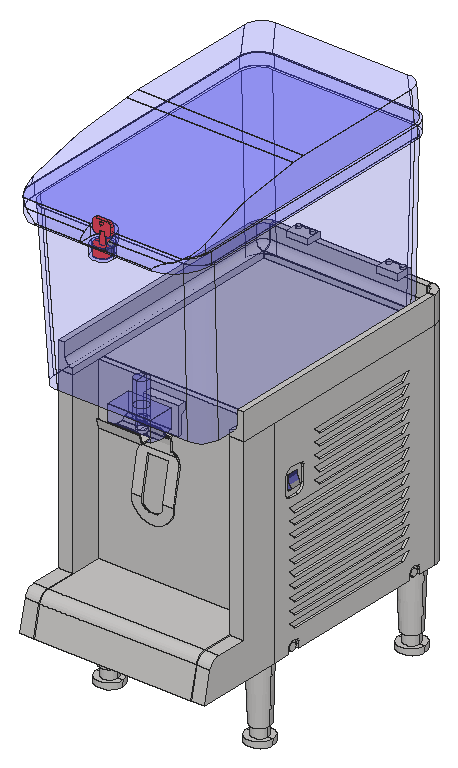
Revit family "QF_ELECTROLUXPROFESSIONAL_600927_ECS1D22", category Specialty Equipment, Revit 2018
Family settings
  Round Connector Dimension = Use Diameter
  Part Type = Normal
  Work Plane-Based = No
  Always vertical = Yes
  Cut with Voids When Loaded = No
  Shared = No
  Room Calculation Point = No
Parameters (values of type "Standard")
  Weight = 20.00 kg
  Watts = 0 W
  Volts = 230 V
  URL Manufacturer = "http://professional.electrolux.com"
  URL = "http://professional.electrolux.com"
  Steam Supply Size = 0 mm
  Steam Supply Minimum Pressure = 0.0 Pa
  Steam Supply Maximum Pressure = 0.0 Pa
  Steam Pounds per Hour = 0
  Refrigeration Suction Line Size = 0 mm
  Refrigeration Liquid Line Size = 0 mm
  Refrigerant Compressor Remote = yes
  Manufacturer = "Electrolux Professional"
  Phase = 1
  Model = "ECS1D22"
  Length Actual = 267.0 mm  # constant formula
  Item Number = "600927"
  Hot Water Size = 0 mm
  Height Actual = 729.0 mm  # constant formula
  HP = "0.5 HP"
  Gas Size = 0 mm
  Gas KW = 0
  Gas Input Pressure = 0 W
  Direct Waste Size = 0 mm
  Description = "COLD BEV DISP. 1X18 LT - AGITATOR"
  Depth Actual = 451.0 mm  # constant formula
  Cycle = 60 Hz
  Condensate Return Size = 0 mm
  Compressed Air Volume = 0.0 L/s
  Compressed Air Size = 0 mm
  Compressed Air Pressure = 0.0 Pa
  Cold Water Size = 0 mm
  Accessory = yes
Reference planes
  plane 1 "Center (Front/Back)": y = 0
  plane 2 "BASE": z = 0
  plane 3 "Center (Left/Right)": x = 0
  plane 4 "FEET": z = 110
  plane 5 "BACK": y = 212
  plane 6 "LEFT": x = -133
  plane 7 "RIGHT": x = 133
  plane 8 "FeetBack": y = 182
  plane 9 "EI_Front": y = 43
  plane 10 "TopBase": z = 420
  plane 11 "TOP": z = 729
  plane 12 "FRONT": y = -256
  plane 13 "FeetFront": y = -91
  plane 14 "Fillet": y = 192
  plane 15 "EI_Left": x = 107.6
  plane 16 "BaseVasca": z = 420
  plane 17 "Key": y = -238.074
Forms (mm)
  Extrusion 1, solid, material "QF_Finishes_Rubber Black"
    sketch origin (0, -237.264, 237.417) x (-1, 0, 0) y (0, 0, 1)
      loop
        line (-134.813, 85.505) -> (-130.245, 83.471) -> (-130.245, 81.362) -> (-128, 81.362) -> (-128, 101.362) -> (-130.245, 101.362)
        arc (-130.245, 101.362) -> (-131.172, 93.043) -> (-134.813, 85.505) r 24.82
    from 185 to 170
  Extrusion 2, solid, material "QF_Clearances", detail levels coarse
    sketch origin (1888.173, -11.659, 0) x (1, 0, 0) y (0, 1, 0)
      loop
        line (-2021.173, -244.341) -> (-2021.173, 223.659) -> (-1755.173, 223.659) -> (-1755.173, -244.341) -> (-1628.173, -244.341) -> (-1628.173, 373.659) -> (-2148.173, 373.659) -> (-2148.173, -244.341) -> (-2021.173, -244.341)
    from 0 to 729
  Revolve 3, solid, material "QF_Finishes_Stainless Steel"
    sketch origin (0, -91, 0) x (0, 0, 1) y (1, 0, 0)
      loop
        line (0, 127) -> (0, 108) -> (110, 108) -> (110, 125.038) -> (23, 122) -> (23, 119) -> (8, 119) -> (8, 127) -> (0, 127)
      axis (0, 108) -> (110, 108)
    angle from 0 to 360
  Revolve 4, solid, material "QF_Finishes_Stainless Steel"
    sketch origin (0, -91, 0) x (0, 0, 1) y (1, 0, 0)
      loop
        line (0, -127) -> (8, -127) -> (8, -119) -> (23, -119) -> (23, -122) -> (110, -125.038) -> (110, -108) -> (0, -108) -> (0, -127)
      axis (0, -108) -> (110, -108)
    angle from 0 to 360
  Revolve 5, solid, material "QF_Finishes_Stainless Steel"
    sketch origin (0, 182, 0) x (-1, 0, 0) y (0, 0, 1)
      loop
        line (-127, 0) -> (-108, 0) -> (-108, 110) -> (-125.038, 110) -> (-122, 23) -> (-119, 23) -> (-119, 8) -> (-127, 8) -> (-127, 0)
      axis (-108, 0) -> (-108, 110)
    angle from 0 to 360
  Revolve 6, solid, material "QF_Finishes_Stainless Steel"
    sketch origin (0, 182, 0) x (-1, 0, 0) y (0, 0, 1)
      loop
        line (127, 0) -> (127, 8) -> (119, 8) -> (119, 23) -> (122, 23) -> (125.038, 110) -> (108, 110) -> (108, 0) -> (127, 0)
      axis (108, 0) -> (108, 110)
    angle from 0 to 360
  Extrusion 7, solid, material "QF_Finishes_Stainless Steel"
    sketch origin (133, 0, 0) x (0, -1, 0) y (0, 0, 1)
      loop
        line (96.764, 110) -> (221, 110) -> (211.598, 151.16)
        arc (211.598, 151.16) -> (205.975, 160.107) -> (196, 163.597) r 16
        line (196, 163.597) -> (151, 163.597) -> (151, 420) -> (96.764, 420) -> (96.764, 110)
    from 20 to 0
  Extrusion 8, solid, material "QF_Finishes_Stainless Steel"
    sketch origin (0, 0, 0) x (0, 1, 0) y (0, 0, 1)
      loop
        line (-96.764, 110) -> (-96.764, 420) -> (-106, 420) -> (-106, 163.597) -> (-196, 163.597)
        arc (-196, 163.597) -> (-205.975, 160.107) -> (-211.598, 151.16) r 16
        line (-211.598, 151.16) -> (-221, 110) -> (-96.764, 110)
    from -113 to 113
  Extrusion 9, solid, material "QF_Finishes_Stainless Steel"
    sketch origin (133, -1000, 0) x (0, -1, 0) y (0, 0, 1)
      loop
        line (-903.236, 110) -> (-903.236, 420) -> (-1192, 420) -> (-1192, 110) -> (-1166, 110) -> (-1166, 115.694)
        arc (-1166, 115.694) -> (-1156, 125.694) -> (-1146, 115.694) r 10
        line (-1146, 115.694) -> (-1146, 110) -> (-948, 110) -> (-948, 115.694)
        arc (-948, 115.694) -> (-938, 125.694) -> (-928, 115.694) r 10
        line (-928, 115.694) -> (-928, 110) -> (-903.236, 110)
      loop
        arc (-923.159, 339.837) -> (-926.088, 346.908) -> (-933.159, 349.837) r 10
        line (-933.159, 349.837) -> (-947.159, 349.837)
        arc (-947.159, 349.837) -> (-954.23, 346.908) -> (-957.159, 339.837) r 10
        line (-957.159, 339.837) -> (-957.159, 319.837)
        arc (-957.159, 319.837) -> (-954.23, 312.766) -> (-947.159, 309.837) r 10
        line (-947.159, 309.837) -> (-933.159, 309.837)
        arc (-933.159, 309.837) -> (-926.088, 312.766) -> (-923.159, 319.837) r 10
        line (-923.159, 319.837) -> (-923.159, 339.837)
      loop
        line (-974.071, 381.364) -> (-1149.071, 381.364) -> (-1137.071, 369.364) -> (-986.071, 369.364) -> (-974.071, 381.364)
      loop
        line (-974.071, 364.864) -> (-1149.071, 364.864) -> (-1137.071, 352.864) -> (-986.071, 352.864) -> (-974.071, 364.864)
      loop
        line (-974.071, 348.364) -> (-1149.071, 348.364) -> (-1137.071, 336.364) -> (-986.071, 336.364) -> (-974.071, 348.364)
      loop
        line (-974.071, 331.864) -> (-1149.071, 331.864) -> (-1137.071, 319.864) -> (-986.071, 319.864) -> (-974.071, 331.864)
      loop
        line (-974.071, 315.364) -> (-1149.071, 315.364) -> (-1137.071, 303.364) -> (-986.071, 303.364) -> (-974.071, 315.364)
      loop
        line (-929.071, 298.864) -> (-1149.071, 298.864) -> (-1137.071, 286.864) -> (-941.071, 286.864) -> (-929.071, 298.864)
      loop
        line (-929.071, 282.364) -> (-1149.071, 282.364) -> (-1137.071, 270.364) -> (-941.071, 270.364) -> (-929.071, 282.364)
      loop
        line (-929.071, 265.864) -> (-1149.071, 265.864) -> (-1137.071, 253.864) -> (-941.071, 253.864) -> (-929.071, 265.864)
      loop
        line (-929.071, 249.364) -> (-1149.071, 249.364) -> (-1137.071, 237.364) -> (-941.071, 237.364) -> (-929.071, 249.364)
      loop
        line (-929.071, 232.864) -> (-1149.071, 232.864) -> (-1137.071, 220.864) -> (-941.071, 220.864) -> (-929.071, 232.864)
      loop
        line (-929.071, 216.364) -> (-1149.071, 216.364) -> (-1137.071, 204.364) -> (-941.071, 204.364) -> (-929.071, 216.364)
      loop
        line (-929.071, 199.864) -> (-1149.071, 199.864) -> (-1137.071, 187.864) -> (-941.071, 187.864) -> (-929.071, 199.864)
      loop
        line (-929.071, 183.364) -> (-1149.071, 183.364) -> (-1137.071, 171.364) -> (-941.071, 171.364) -> (-929.071, 183.364)
      loop
        line (-929.071, 166.864) -> (-1149.071, 166.864) -> (-1137.071, 154.864) -> (-941.071, 154.864) -> (-929.071, 166.864)
      loop
        line (-929.071, 150.364) -> (-1149.071, 150.364) -> (-1137.071, 138.364) -> (-941.071, 138.364) -> (-929.071, 150.364)
    from 5 to 0
  Extrusion 10, solid, material "QF_Finishes_Stainless Steel"
    sketch origin (-133, 0, 0) x (0, 1, 0) y (0, 0, 1)
      loop
        line (-96.764, 110) -> (-96.764, 420) -> (-151, 420) -> (-151, 163.597) -> (-196, 163.597)
        arc (-196, 163.597) -> (-205.975, 160.107) -> (-211.598, 151.16) r 16
        line (-211.598, 151.16) -> (-221, 110) -> (-96.764, 110)
    from 20 to 0
  Extrusion 11, solid, material "QF_Finishes_Stainless Steel"
    sketch origin (-133, 0, 0) x (0, 1, 0) y (0, 0, 1)
      loop
        line (-96.764, 110) -> (-72, 110) -> (-72, 115.694)
        arc (-72, 115.694) -> (-62, 125.694) -> (-52, 115.694) r 10
        line (-52, 115.694) -> (-52, 110) -> (146, 110) -> (146, 115.694)
        arc (146, 115.694) -> (156, 125.694) -> (166, 115.694) r 10
        line (166, 115.694) -> (166, 110) -> (192, 110) -> (192, 420) -> (-96.764, 420) -> (-96.764, 110)
      loop
        line (-70.929, 381.364) -> (-58.929, 369.364) -> (137.071, 369.364) -> (149.071, 381.364) -> (-70.929, 381.364)
      loop
        line (-70.929, 364.864) -> (-58.929, 352.864) -> (137.071, 352.864) -> (149.071, 364.864) -> (-70.929, 364.864)
      loop
        line (-70.929, 348.364) -> (-58.929, 336.364) -> (137.071, 336.364) -> (149.071, 348.364) -> (-70.929, 348.364)
      loop
        line (-70.929, 331.864) -> (-58.929, 319.864) -> (137.071, 319.864) -> (149.071, 331.864) -> (-70.929, 331.864)
      loop
        line (-70.929, 315.364) -> (-58.929, 303.364) -> (137.071, 303.364) -> (149.071, 315.364) -> (-70.929, 315.364)
      loop
        line (-70.929, 298.864) -> (-58.929, 286.864) -> (137.071, 286.864) -> (149.071, 298.864) -> (-70.929, 298.864)
      loop
        line (-70.929, 282.364) -> (-58.929, 270.364) -> (137.071, 270.364) -> (149.071, 282.364) -> (-70.929, 282.364)
      loop
        line (-70.929, 265.864) -> (-58.929, 253.864) -> (137.071, 253.864) -> (149.071, 265.864) -> (-70.929, 265.864)
      loop
        line (-70.929, 249.364) -> (-58.929, 237.364) -> (137.071, 237.364) -> (149.071, 249.364) -> (-70.929, 249.364)
      loop
        line (-70.929, 232.864) -> (-58.929, 220.864) -> (137.071, 220.864) -> (149.071, 232.864) -> (-70.929, 232.864)
      loop
        line (-70.929, 216.364) -> (-58.929, 204.364) -> (137.071, 204.364) -> (149.071, 216.364) -> (-70.929, 216.364)
      loop
        line (-70.929, 199.864) -> (-58.929, 187.864) -> (137.071, 187.864) -> (149.071, 199.864) -> (-70.929, 199.864)
      loop
        line (-70.929, 183.364) -> (-58.929, 171.364) -> (137.071, 171.364) -> (149.071, 183.364) -> (-70.929, 183.364)
      loop
        line (-70.929, 166.864) -> (-58.929, 154.864) -> (137.071, 154.864) -> (149.071, 166.864) -> (-70.929, 166.864)
      loop
        line (-70.929, 150.364) -> (-58.929, 138.364) -> (137.071, 138.364) -> (149.071, 150.364) -> (-70.929, 150.364)
    from 5 to 0
  Extrusion 12, solid, material "QF_Finishes_Stainless Steel"
    sketch origin (0, 0, 0) x (0, 1, 0) y (0, 0, 1)
      loop
        line (-96.764, 110) -> (192, 110) -> (192, 420) -> (-96.764, 420) -> (-96.764, 110)
    from 128 to -128
  Extrusion 13, solid, material "QF_Finishes_Stainless Steel"
    sketch origin (0, 0, 0) x (0, 1, 0) y (0, 0, 1)
      loop
        line (212, 110) -> (212, 420) -> (192, 420) -> (192, 110) -> (212, 110)
    from 113 to -113
  Extrusion 14, solid, material "QF_Finishes_Stainless Steel"
    sketch origin (0, -256, 0) x (-1, 0, 0) y (0, 0, 1)
      loop
        line (-133, 420) -> (-113, 420) -> (-113, 428.026)
        arc (-113, 428.026) -> (-120.802, 431.235) -> (-124.037, 439.026) r 11
        line (-124.037, 439.026) -> (-124.037, 458.026) -> (-133, 458.026) -> (-133, 420)
      loop
        line (133, 420) -> (133, 458.026) -> (124.037, 458.026) -> (124.037, 439.026)
        arc (124.037, 439.026) -> (120.802, 431.235) -> (113, 428.026) r 11
        line (113, 428.026) -> (113, 420) -> (133, 420)
    from 448 to 105
  Extrusion 15, solid, material "QF_Finishes_Stainless Steel"
    sketch origin (0, 0, 0) x (0, 1, 0) y (0, 0, 1)
      loop
        line (212, 420) -> (212, 458.026) -> (203.037, 458.026) -> (203.037, 439.026)
        arc (203.037, 439.026) -> (199.802, 431.235) -> (192, 428.026) r 11
        line (192, 428.026) -> (192, 420) -> (212, 420)
    from 113 to -113
  Revolve 16, solid, material "QF_Finishes_Stainless Steel"
    sketch origin (0, 192, 0) x (-1, 0, 0) y (0, 0, 1)
      loop
        line (-113, 420) -> (-113, 428.026)
        arc (-113, 428.026) -> (-120.802, 431.235) -> (-124.037, 439.026) r 11
        line (-124.037, 439.026) -> (-124.037, 458.026) -> (-133, 458.026) -> (-133, 420) -> (-113, 420)
      axis (-113, 420) -> (-113, 458.026)
    angle from 0 to -90
  Revolve 17, solid, material "QF_Finishes_Stainless Steel"
    sketch origin (0, 192, 0) x (1, 0, 0) y (0, 0, 1)
      loop
        line (-113, 420) -> (-113, 428.026)
        arc (-113, 428.026) -> (-120.802, 431.235) -> (-124.037, 439.026) r 11
        line (-124.037, 439.026) -> (-124.037, 458.026) -> (-133, 458.026) -> (-133, 420) -> (-113, 420)
      axis (-113, 420) -> (-113, 458.026)
    angle from 0 to -90
  Extrusion 18, solid, material "QF_Finishes_Stainless Steel"
    sketch origin (0, 0, 110) x (-1, 0, 0) y (0, -1, 0)
      loop
        line (113, -192) -> (113, -212)
        arc (113, -212) -> (127.142, -206.142) -> (133, -192) r 20
        line (133, -192) -> (113, -192)
      loop
        arc (-133, -192) -> (-127.142, -206.142) -> (-113, -212) r 20
        line (-113, -212) -> (-113, -192) -> (-133, -192)
    from 0 to 310
  Extrusion 19, solid, material "QF_Finishes_Stainless Steel"
    sketch origin (133, 0, 0) x (0, -1, 0) y (0, 0, 1)
      loop
        circle (62, 115.694) r 5
      loop
        circle (-156, 115.694) r 5
    from 1 to 5
  Extrusion 20, solid, material "QF_Finishes_Stainless Steel"
    sketch origin (-133, 0, 0) x (0, 1, 0) y (0, 0, 1)
      loop
        circle (-62, 115.694) r 5
      loop
        circle (156, 115.694) r 5
    from 1 to 5
  Extrusion 21, solid, material "QF_Finishes_Stainless Steel"
    sketch origin (-0.4, 43, 110) x (-1, 0, 0) y (0, -1, 0)
      loop
        circle (-108, 0) r 10
    from 0 to -10
Lines and regions (mm)
  symbolic lines
    curve 1: arc (-113, 212, 420) -> (-127.142, 206.142, 420) -> (-133, 192, 420) r 20
    curve 2: line (113, 212, 420) -> (79.629, 212, 420)
    curve 3: arc (113, 212, 420) -> (127.142, 206.142, 420) -> (133, 192, 420) r 20
    curve 4: line (-133, 192, 420) -> (-133, -221, 420)
    curve 5: line (133, -221, 420) -> (133, 192, 420)
    curve 6: line (113, 203.037, 420) -> (79.631, 203.037, 420)
    curve 7: arc (-113, 203.037, 420) -> (-120.805, 199.805, 420) -> (-124.037, 192, 420) r 11.037
    curve 8: arc (113, 203.037, 420) -> (120.805, 199.805, 420) -> (124.037, 192, 420) r 11.037
    curve 9: line (-124.037, 192, 420) -> (-124.037, 181.193, 420)
    curve 10: line (124.037, 181.193, 420) -> (124.037, 192, 420)
    curve 11: line (-127.869, -151, 420) -> (-133, -151, 420)
    curve 12: line (-133, -221, 420) -> (-124.443, -221, 420)
    curve 13: line (133, -221, 420) -> (124.443, -221, 420)
    curve 14: line (133, -151, 420) -> (127.869, -151, 420)
    curve 15: line (-79.631, 203.037, 420) -> (-113, 203.037, 420)
    curve 16: line (49.631, 203.037, 420) -> (-49.631, 203.037, 420)
    curve 17: line (49.631, 212, 420) -> (-49.631, 212, 420)
    curve 18: line (-79.642, 212, 420) -> (-113, 212, 420)
Dimensions and locks
  plane 4 "FEET" to level = 110.0 mm
  plane 6 "LEFT" to plane 3 "Center (Left/Right)" to plane 7 "RIGHT" = 133.0 mm, 133.0 mm
  plane 5 "BACK" to plane 1 "Center (Front/Back)" = 212.0 mm
  plane 6 "LEFT" to plane 7 "RIGHT" = 266.0 mm
  plane 5 "BACK" to plane 8 "FeetBack" = 30.0 mm
  plane 7 "RIGHT" to plane 6 "LEFT" = 266.0 mm
  plane 5 "BACK" to plane 12 "FRONT" = 468.0 mm
  plane 11 "TOP" to level = 729.0 mm
  plane 9 "EI_Front" to plane 5 "BACK" = 169.0 mm
  plane 10 "TopBase" to level = 420.0 mm
  plane 15 "EI_Left" to plane 7 "RIGHT" = 25.4 mm
  plane 5 "BACK" to plane 9 "EI_Front" = 169.0 mm
  aligned and locked: level to plane 2 "BASE"
Nested families
  nested 1: "CS1-V2" at (0, 0.03, 0), type "CS1-V2"
Connectors
  electrical at (107.6, 43, 100), driven by "Volts"
    settings: on Extrusion 21, index 1, voltage 230 V, apparent load 0 VA, apparent load phase1 0 VA, apparent load phase2 0 VA, apparent load phase3 0 VA, power factor 1, load classification "Other", number of poles 1, system type 30, power factor state 1, is connector primary yes, connector utility no, sub classification motor no, connector description "Electrical Connection"
Definition of nested family "CS1-V2"
  Parameters (values of type "CS1-V2")
    Weight = 48.00 kg
    Watts = 71.5353 W
    Volts = 230 V
    URL Manufacturer = "http://professional.electrolux.com"
    URL = "http://professional.electrolux.com"
    Steam Supply Size = 0 mm
    Steam Supply Minimum Pressure = 0.0 Pa
    Steam Supply Maximum Pressure = 0.0 Pa
    Steam Pounds per Hour = 0
    Refrigeration Suction Line Size = 0 mm
    Refrigeration Liquid Line Size = 0 mm
    Refrigerant Compressor Remote = yes
    Manufacturer = "Electrolux"
    Phase = 1
    Model = "SP2ITNK"
    Length Actual = 447.0 mm  # constant formula
    Item Number = "560013"
    Hot Water Size = 0 mm
    Height Actual = 612.0 mm  # constant formula
    HP = "1 HP"
    Gas Size = 0 mm
    Gas KW = 0
    Gas Input Pressure = 0 W
    Description = "2X5 LT BOWL - FROZEN GRANITA AND FROZEN CREAM DISPENSER - 2 INSULATED BOWLS - WHITE"
    Depth Actual = 438.0 mm  # constant formula
    Cycle = 50 Hz
    Condensate Return Size = 0 mm
    Compressed Air Volume = 0.0 L/s
    Compressed Air Size = 0 mm
    Compressed Air Pressure = 0.0 Pa
    Cold Water Size = 0 mm
    Accessory = yes
  Reference planes
    plane 1 "Center (Front/Back)": y = 0
    plane 2 "BASE": z = 0
    plane 3 "Center (Left/Right)": x = 0
    plane 4 "FEET": z = 110
    plane 5 "BACK": y = 212
    plane 6 "LEFT": x = -133
    plane 7 "RIGHT": x = 133
    plane 8 "TopBase": z = 420
    plane 9 "TOP": z = 729
    plane 10 "FRONT": y = -256
    plane 11 "Fillet": y = 192
    plane 12 "BaseVasca": z = 420
    plane 13 "Key": y = -238.074
    plane 14: y = -168.455
  Forms (mm)
    Blend 1, solid
      base sketch origin (64.522, 0, 420) x (0, -1, 0) y (1, 0, 0)
        loop
          arc (178, -183.022) -> (195.678, -175.699) -> (203, -158.022) r 25
          line (203, -158.022) -> (203, 28.978)
          arc (203, 28.978) -> (195.678, 46.656) -> (178, 53.978) r 25
          line (178, 53.978) -> (-167, 53.978)
          arc (-167, 53.978) -> (-184.678, 46.656) -> (-192, 28.978) r 25
          line (-192, 28.978) -> (-192, -158.022)
          arc (-192, -158.022) -> (-184.678, -175.699) -> (-167, -183.022) r 25
          line (-167, -183.022) -> (178, -183.022)
      top sketch origin (64.522, 0, 420) x (0, -1, 0) y (1, 0, 0)
        loop
          arc (-192, -164.522) -> (-184.678, -182.199) -> (-167, -189.522) r 25
          line (-167, -189.522) -> (193, -189.522)
          arc (193, -189.522) -> (210.678, -182.199) -> (218, -164.522) r 25
          line (218, -164.522) -> (218, 35.478)
          arc (218, 35.478) -> (210.678, 53.156) -> (193, 60.478) r 25
          line (193, 60.478) -> (-167, 60.478)
          arc (-167, 60.478) -> (-184.678, 53.156) -> (-192, 35.478) r 25
          line (-192, 35.478) -> (-192, -164.522)
      from 8 to 247
    Blend 2, solid
      base sketch origin (133, 0, 420) x (0, -1, 0) y (1, 0, 0)
        loop
          arc (-192, -233.206) -> (-184.678, -250.883) -> (-167, -258.206) r 25
          line (-167, -258.206) -> (210.038, -258.206)
          arc (210.038, -258.206) -> (240.444, -245.611) -> (253.038, -215.206) r 43
          line (253.038, -215.206) -> (253.038, -51.206)
          arc (253.038, -51.206) -> (240.444, -20.8) -> (210.038, -8.206) r 43
          line (210.038, -8.206) -> (-167, -8.206)
          arc (-167, -8.206) -> (-184.678, -15.528) -> (-192, -33.206) r 25
          line (-192, -33.206) -> (-192, -233.206)
      top sketch origin (133, 0, 420) x (0, -1, 0) y (1, 0, 0)
        loop
          arc (-192, -228) -> (-184.678, -245.678) -> (-167, -253) r 25
          line (-167, -253) -> (200.138, -253)
          arc (200.138, -253) -> (235.494, -238.355) -> (250.138, -203) r 50
          line (250.138, -203) -> (250.138, -63)
          arc (250.138, -63) -> (235.494, -27.645) -> (200.138, -13) r 50
          line (200.138, -13) -> (-167, -13)
          arc (-167, -13) -> (-184.678, -20.322) -> (-192, -38) r 25
          line (-192, -38) -> (-192, -228)
      from 265.34 to 309
    Extrusion 3, solid
      sketch origin (64.522, 0, 420) x (0, -1, 0) y (1, 0, 0)
        loop
          line (256, -148.79) -> (256, 19.747)
          arc (256, 19.747) -> (236.607, 51.092) -> (201.845, 63.347) r 55.433
          line (201.845, 63.347) -> (-168.323, 63.347)
          arc (-168.323, 63.347) -> (-187.191, 54.733) -> (-194.9, 35.478) r 27.9
          line (-194.9, 35.478) -> (-194.9, -164.522)
          arc (-194.9, -164.522) -> (-187.191, -183.777) -> (-168.323, -192.39) r 27.9
          line (-168.323, -192.39) -> (201.845, -192.39)
          arc (201.845, -192.39) -> (236.607, -180.136) -> (256, -148.79) r 55.433
      from 265.34 to 247
    Extrusion 4, void
      sketch origin (108, 0, 0) x (0, 1, 0) y (0, 0, 1)
        loop
          line (-26.39, 729) -> (-26.39, 734) -> (-256, 734) -> (-256, 669.303) -> (-254.726, 672.803)
          arc (-254.726, 672.803) -> (-252.106, 677.514) -> (-248.147, 681.172) r 17.063
          arc (-248.147, 681.172) -> (-148.754, 713.466) -> (-45.263, 728.011) r 599.546
          line (-45.263, 728.011) -> (-26.39, 729)
      from -241 to 25
    Extrusion 5, void
      sketch origin (0, 0, 0) x (0, 1, 0) y (0, 0, 1)
        loop
          arc (-249.651, 680.531) -> (-239.286, 684.849) -> (-228.842, 688.973) r 599.546
          line (-228.842, 688.973) -> (-262.493, 688.973) -> (-262.493, 670.038) -> (-256, 670.038)
          arc (-256, 670.038) -> (-254.289, 676.17) -> (-249.651, 680.531) r 11.845
      from -127.869 to 124.794
    Extrusion 6, void
      sketch origin (0, 0, 420) x (0, -1, 0) y (1, 0, 0)
        loop
          line (238.074, -17.633) -> (256, -17.633) -> (256, 17.633) -> (238.074, 17.633)
          arc (238.074, 17.633) -> (220.441, 0) -> (238.074, -17.633) r 17.633
      from 249.303 to 265.34
    Extrusion 7, void
      sketch origin (64.522, 0, 420) x (0, -1, 0) y (1, 0, 0)
        loop
          circle (238.074, -64.522) r 12
      from 233.373 to 247
    Extrusion 8, solid
      sketch origin (64.522, 0, 420) x (0, -1, 0) y (1, 0, 0)
        loop
          circle (238.074, -64.522) r 15.757
      from 230.564 to 247
    Revolve 9, solid
      sketch origin (64.522, -238.074, 0) x (-1, 0, 0) y (0, 0, 1)
        loop
          line (64.522, 683.398) -> (61.099, 683.398) -> (61.099, 667) -> (52.522, 667) -> (52.522, 653.373) -> (64.522, 653.373) -> (64.522, 683.398)
        axis (64.522, 653.373) -> (64.522, 683.398)
      angle from 0 to 360
    Extrusion 10, solid
      sketch origin (64.522, -238.074, 0) x (-1, 0, 0) y (0, 0, 1)
        loop
          line (62.099, 683.398) -> (66.944, 683.398) -> (66.944, 678.398) -> (71.849, 678.398)
          arc (71.849, 678.398) -> (76.091, 680.156) -> (77.849, 684.398) r 6
          line (77.849, 684.398) -> (77.849, 692.398)
          arc (77.849, 692.398) -> (76.091, 696.641) -> (71.849, 698.398) r 6
          line (71.849, 698.398) -> (57.195, 698.398)
          arc (57.195, 698.398) -> (52.952, 696.641) -> (51.195, 692.398) r 6
          line (51.195, 692.398) -> (51.195, 684.398)
          arc (51.195, 684.398) -> (52.952, 680.156) -> (57.195, 678.398) r 6
          line (57.195, 678.398) -> (62.099, 678.398) -> (62.099, 683.398)
        loop
          circle (64.522, 693.106) r 3
      from -2 to 2
    Extrusion 11, solid
      sketch origin (0, 0, 0) x (0, 1, 0) y (0, 0, 1)
        loop
          line (-190.5, 428) -> (-190.5, 398) -> (-174.107, 395.109) -> (-164.107, 395.109) -> (-159.607, 399.609) -> (-153.116, 399.609) -> (-153.116, 428) -> (-190.5, 428)
      from -31.045 to 31
    Revolve 12, void
      sketch origin (0, 0, 0) x (0, 1, 0) y (0, 0, 1)
        loop
          line (-168.455, 463.265) -> (-178.327, 463.265) -> (-178.327, 410.984) -> (-175.351, 410.984) -> (-175.351, 398) -> (-174.149, 398) -> (-174.149, 388) -> (-168.455, 388) -> (-168.455, 463.265)
        axis (-168.455, 388) -> (-168.455, 463.265)
      angle from 0 to 360
    Revolve 13, solid
      sketch origin (0, 0, 0) x (0, 1, 0) y (0, 0, 1)
        loop
          line (-168.455, 385.109) -> (-163.455, 385.109) -> (-163.455, 395.109) -> (-161.56, 395.109) -> (-161.56, 398) -> (-168.455, 398) -> (-168.455, 385.109)
        axis (-168.455, 398) -> (-168.455, 385.109)
      angle from 0 to 360
    Extrusion 14, solid
      sketch origin (0, 0, 0) x (0, 1, 0) y (0, 0, 1)
        loop
          line (-211.42, 417.932) -> (-207.338, 404.58) -> (-190.5, 404.58) -> (-190.5, 405.58) -> (-206.598, 405.58) -> (-210.464, 418.224) -> (-211.42, 417.932)
      from -31.045 to 31
    Extrusion 15, solid
      sketch origin (0, 0, 0) x (0, 1, 0) y (0, 0, 1)
        loop
          line (-149.25, 259.609) -> (-148.25, 259.609) -> (-148.25, 296.088) -> (-136.39, 354.802)
          arc (-136.39, 354.802) -> (-135.207, 366.291) -> (-136.255, 377.793) r 59.784
          line (-136.255, 377.793) -> (-131.876, 379.387) -> (-129.145, 379.387) -> (-129.145, 380.887) -> (-132.141, 380.887) -> (-136.557, 379.279) -> (-139.722, 379.279) -> (-156.78, 399.609) -> (-158.086, 399.609) -> (-140.188, 378.279) -> (-137.37, 378.279)
          arc (-137.37, 378.279) -> (-136.206, 366.64) -> (-137.37, 355) r 58.784
          line (-137.37, 355) -> (-149.25, 296.188) -> (-149.25, 259.609)
      from -30 to 30
    Extrusion 16, void
      sketch origin (0, -238.074, 0) x (-1, 0, 0) y (0, 0, 1)
        loop
          line (15, 348.279) -> (-15, 348.279) -> (-15, 288.279)
          arc (-15, 288.279) -> (0, 279.279) -> (15, 288.279) r 17
          line (15, 288.279) -> (15, 348.279)
        loop
          arc (30, 288.469) -> (0, 265.279) -> (-30, 288.469) r 31
          line (-30, 288.469) -> (-30, 344.632)
          arc (-30, 344.632) -> (-26.112, 354.705) -> (-16.464, 359.553) r 14.993
          line (-16.464, 359.553) -> (-16.464, 399.609) -> (-36.464, 399.609) -> (-36.464, 259.609) -> (36.464, 259.609) -> (36.464, 399.609) -> (16.464, 399.609) -> (16.464, 359.553)
          arc (16.464, 359.553) -> (26.112, 354.705) -> (30, 344.632) r 14.993
          line (30, 344.632) -> (30, 288.469)
      from 79.263 to 108.929
    Extrusion 17, solid
      sketch origin (0, 0, 0) x (0, 1, 0) y (0, 0, 1)
        loop
          line (-133.507, 380.887) -> (-129.145, 380.887) -> (-129.145, 406.439) -> (-121.488, 410.009) -> (-121.488, 420.078) -> (-133.507, 420.078) -> (-133.507, 380.887)
      from -25 to 24.963
    Extrusion 18, solid
      sketch origin (0, 0, 0) x (0, 1, 0) y (0, 0, 1)
        loop
          line (192, 458) -> (212, 458) -> (212, 447.335) -> (215, 447.335) -> (215, 462.335)
          arc (215, 462.335) -> (213.865, 465.076) -> (211.123, 466.212) r 3.877
          line (211.123, 466.212) -> (192, 466.212) -> (192, 458)
      from -50 to -80
    Extrusion 19, solid
      sketch origin (-65, 0, 420) x (0, -1, 0) y (1, 0, 0)
        loop
          circle (-207, -10) r 3
        loop
          circle (-207, 10) r 3
      from 46.212 to 48.2
    Extrusion 20, solid
      sketch origin (0, 0, 0) x (0, 1, 0) y (0, 0, 1)
        loop
          line (192, 458) -> (212, 458) -> (212, 447.335) -> (215, 447.335) -> (215, 462.335)
          arc (215, 462.335) -> (213.865, 465.076) -> (211.123, 466.212) r 3.877
          line (211.123, 466.212) -> (192, 466.212) -> (192, 458)
      from 80 to 50
    Extrusion 21, solid
      sketch origin (65, 0, 420) x (0, -1, 0) y (1, 0, 0)
        loop
          circle (-207, -10) r 3
        loop
          circle (-207, 10) r 3
      from 46.212 to 48.2
  Cuts and joins
    Extrusion 4, Extrusion 6 cuts Blend 2
    Extrusion 5, Extrusion 6, Extrusion 7 cuts Extrusion 3
    Extrusion 7, Revolve 12 cuts Blend 1
    Extrusion 7 cuts Extrusion 8
    Revolve 12, Extrusion 16 cuts Extrusion 11
    Extrusion 16 cuts Extrusion 15
  Lines and regions (mm)
    symbolic lines
      curve 1: arc (-95, 192, 420) -> (-112.678, 184.678, 420) -> (-120, 167, 420) r 25
      curve 2: arc (-125.206, 167, 420) -> (-117.883, 184.678, 420) -> (-100.206, 192, 420) r 25
      curve 3: arc (-100, 194.9, 420) -> (-119.255, 187.191, 420) -> (-127.869, 168.323, 420) r 27.9
      curve 4: line (-100, 194.9, 420) -> (100, 194.9, 420)
      curve 5: arc (127.869, 168.323, 420) -> (119.255, 187.191, 420) -> (100, 194.9, 420) r 27.9
      curve 6: arc (99.794, 192, 420) -> (117.472, 184.678, 420) -> (124.794, 167, 420) r 25
      curve 7: arc (120, 167, 420) -> (112.678, 184.678, 420) -> (95, 192, 420) r 25
      curve 8: line (99.794, 192, 420) -> (-100.206, 192, 420)
      curve 9: line (-127.869, -201.845, 420) -> (-127.869, 168.323, 420)
      curve 10: line (-125.206, -210.038, 420) -> (-125.206, 167, 420)
      curve 11: line (-120, 167, 420) -> (-120, -26.39, 420)
      curve 12: line (120, -26.39, 420) -> (120, 167, 420)
      curve 13: line (124.794, 167, 420) -> (124.794, -210.038, 420)
      curve 14: line (127.869, 168.323, 420) -> (127.869, -201.845, 420)
      curve 15: line (-120, -26.39, 420) -> (120, -26.39, 420)
      curve 16: arc (-127.869, -201.845, 420) -> (-115.614, -236.607, 420) -> (-84.269, -256, 420) r 55.433
      curve 17: arc (-114.9, -237.968, 420) -> (-122.547, -224.923, 420) -> (-125.206, -210.038, 420) r 43
      curve 18: spline (-123.835, -207.457, 420) -> (-123.908, -210.163, 420) -> (-123.828, -212.865, 420) -> (-123.596, -215.554, 420) -> (-123.212, -218.224, 420) -> (-122.678, -220.866, 420) -> (-121.994, -223.473, 420) -> (-121.163, -226.037, 420) -> (-120.188, -228.551, 420) -> (-119.07, -231.008, 420) -> (-117.814, -233.401, 420) -> (-116.423, -235.723, 420) -> (-114.9, -237.968, 420)
      curve 19: arc (84.269, -256, 420) -> (115.614, -236.607, 420) -> (127.869, -201.845, 420) r 55.433
      curve 20: arc (124.794, -210.038, 420) -> (122.136, -224.923, 420) -> (114.489, -237.968, 420) r 43
      curve 21: spline (114.489, -237.968, 420) -> (116.021, -235.721, 420) -> (117.421, -233.396, 420) -> (118.687, -231.001, 420) -> (119.814, -228.543, 420) -> (120.798, -226.028, 420) -> (121.638, -223.463, 420) -> (122.331, -220.857, 420) -> (122.874, -218.216, 420) -> (123.267, -215.547, 420) -> (123.508, -212.86, 420) -> (123.596, -210.16, 420) -> (123.532, -207.457, 420)
      curve 22: line (124.794, 167, 420) -> (124.794, -210.038, 420)
      curve 23: line (-17.633, -256, 420) -> (-17.633, -238.074, 420)
      curve 24: line (13.327, -240.074, 420) -> (-13.327, -240.074, 420)
      curve 25: line (-13.327, -236.074, 420) -> (13.327, -236.074, 420)
      curve 26: line (17.633, -238.074, 420) -> (17.633, -256, 420)
      curve 27: line (84.269, -256, 420) -> (-84.269, -256, 420)
      curve 28: arc (2.777, -240.074, 420) -> (0, -241.496, 420) -> (-2.777, -240.074, 420) r 3.422
      curve 29: line (-120, -26.39, 420) -> (-123.835, -207.457, 420)
      curve 30: line (120, -26.39, 420) -> (123.532, -207.457, 420)
      curve 31: arc (17.633, -238.074, 420) -> (0, -220.441, 420) -> (-17.633, -238.074, 420) r 17.633
      curve 32: line (13.327, -240.074, 420) -> (13.327, -236.074, 420)
      curve 33: line (-13.327, -240.074, 420) -> (-13.327, -236.074, 420)
      curve 34: arc (-11.832, -236.074, 420) -> (0, -226.074, 420) -> (11.832, -236.074, 420) r 12
      curve 35: arc (11.832, -240.074, 420) -> (0, -250.074, 420) -> (-11.832, -240.074, 420) r 12
      curve 36: circle (0, -238.074, 420) r 15.757 normal (0, 0, -1)
      curve 37: arc (-2.777, -236.074, 420) -> (0, -234.652, 420) -> (2.777, -236.074, 420) r 3.422
      curve 38: line (-80, 194.9, 420) -> (-80, 215, 420)
      curve 39: line (-80, 215, 420) -> (-50, 215, 420)
      curve 40: line (-50, 215, 420) -> (-50, 194.9, 420)
      curve 41: circle (-75, 207, 420) r 3 normal (0, 0, -1)
      curve 42: circle (-55, 207, 420) r 3 normal (0, 0, 1)
      curve 43: line (80, 194.9, 420) -> (80, 215, 420)
      curve 44: line (80, 215, 420) -> (50, 215, 420)
      curve 45: line (50, 215, 420) -> (50, 194.9, 420)
      curve 46: circle (75, 207, 420) r 3 normal (0, 0, 1)
      curve 47: circle (55, 207, 420) r 3 normal (0, 0, -1)
  Dimensions and locks
    plane 4 "FEET" to level = 110.0 mm
    equal spacing: plane 6 "LEFT", plane 3 "Center (Left/Right)", plane 7 "RIGHT"
    plane 5 "BACK" to plane 1 "Center (Front/Back)" = 212.0 mm
    plane 6 "LEFT" to plane 7 "RIGHT" = 266.0 mm
    plane 7 "RIGHT" to plane 6 "LEFT" = 266.0 mm
    plane 5 "BACK" to plane 10 "FRONT" = 468.0 mm
    plane 9 "TOP" to level = 729.0 mm
    plane 8 "TopBase" to level = 420.0 mm
    radius of Extrusion 7 sketch curve = 12.0 mm
    aligned and locked: level to plane 2 "BASE"
  Automatic sketch dimensions
    Blend 1 sketch curve to plane 11 "Fillet" = 0.0 mm  (x2)
    Blend 1 sketch curve to Blend 1 sketch curve = 25.0 mm  (x3)
    plane 14 to Blend 1 sketch curve = 9.545 mm  (x2)
    plane 6 "LEFT" to Blend 1 sketch curve = 14.5 mm
    plane 7 "RIGHT" to Blend 1 sketch curve = 39.5 mm
    plane 7 "RIGHT" to Blend 1 sketch curve = 8.0 mm
    Blend 1 sketch curve to plane 11 "Fillet" = 25.0 mm  (x2)
    plane 6 "LEFT" to Blend 1 sketch curve = 8.0 mm
    plane 14 to Blend 1 sketch curve = 24.545 mm  (x2)
    plane 13 "Key" to Blend 1 sketch curve = 20.074 mm
    Blend 2 sketch curve to plane 11 "Fillet" = 0.0 mm  (x2)
    plane 6 "LEFT" to Blend 2 sketch curve = 7.794 mm
    Blend 2 sketch curve to plane 11 "Fillet" = 25.0 mm  (x3)
    Blend 2 sketch curve to Blend 2 sketch curve = 25.0 mm
    plane 13 "Key" to Blend 2 sketch curve = 28.035 mm  (x2)
    plane 7 "RIGHT" to Blend 2 sketch curve = 8.206 mm
    plane 10 "FRONT" to Blend 2 sketch curve = 2.962 mm
    plane 7 "RIGHT" to Blend 2 sketch curve = 13.0 mm
    plane 6 "LEFT" to Blend 2 sketch curve = 13.0 mm
    plane 14 to Blend 2 sketch curve = 31.683 mm  (x2)
    plane 10 "FRONT" to Blend 2 sketch curve = 5.862 mm
    Extrusion 3 sketch curve to plane 10 "FRONT" = 0.0 mm
    plane 14 to Extrusion 3 sketch curve = 33.389 mm  (x2)
    Extrusion 3 sketch curve to plane 11 "Fillet" = 25.0 mm  (x2)
    plane 6 "LEFT" to Extrusion 3 sketch curve = 5.131 mm
    Extrusion 3 sketch curve to plane 11 "Fillet" = 23.677 mm  (x2)
    plane 7 "RIGHT" to Extrusion 3 sketch curve = 5.131 mm
    plane 11 "Fillet" to Extrusion 3 sketch curve = 2.9 mm
    plane 6 "LEFT" to Extrusion 3 sketch curve = 48.731 mm
    Extrusion 3 sketch curve to Extrusion 3 sketch curve = 55.433 mm
    Extrusion 4 sketch curve to plane 10 "FRONT" = 0.0 mm
    plane 9 "TOP" to Extrusion 4 sketch curve = 0.0 mm
    plane 10 "FRONT" to Extrusion 4 sketch curve = 1.274 mm
    Extrusion 4 sketch curve to plane 13 "Key" = 0.619 mm
    plane 9 "TOP" to Extrusion 4 sketch curve = 0.989 mm
    plane 1 "Center (Front/Back)" to Extrusion 4 sketch curve = 45.263 mm
    Extrusion 4 sketch curve to Extrusion 4 sketch curve = 18.873 mm
    plane 1 "Center (Front/Back)" to Extrusion 4 sketch curve = 13.885 mm
    plane 9 "TOP" to Extrusion 4 sketch curve = 56.197 mm
    Extrusion 4 sketch curve to Extrusion 4 sketch curve = 3.5 mm
    Extrusion 4 sketch curve to Extrusion 4 sketch curve = 5.836 mm
    plane 4 "FEET" to Extrusion 4 sketch curve = 19.287 mm
    Extrusion 4 sketch curve to plane 9 "TOP" = 5.0 mm
    Extrusion 5 sketch curve to plane 10 "FRONT" = 0.0 mm
    Extrusion 5 sketch curve to plane 10 "FRONT" = 6.493 mm
    Extrusion 5 sketch curve to plane 13 "Key" = 6.081 mm
    plane 13 "Key" to Extrusion 5 sketch curve = 9.232 mm
    plane 1 "Center (Front/Back)" to Extrusion 5 sketch curve = 13.885 mm
    plane 4 "FEET" to Extrusion 5 sketch curve = 19.287 mm
    plane 9 "TOP" to Extrusion 5 sketch curve = 58.962 mm
    Extrusion 5 sketch curve to Extrusion 5 sketch curve = 18.935 mm
    Extrusion 6 sketch curve to plane 3 "Center (Left/Right)" = 0.0 mm
    Extrusion 6 sketch curve to plane 13 "Key" = 0.0 mm
    Extrusion 6 sketch curve to plane 10 "FRONT" = 0.0 mm
    Extrusion 6 sketch curve to plane 3 "Center (Left/Right)" = 17.633 mm
    Extrusion 7 sketch curve to plane 3 "Center (Left/Right)" = 0.0 mm
    Extrusion 7 sketch curve to plane 13 "Key" = 0.0 mm
    Extrusion 8 sketch curve to plane 3 "Center (Left/Right)" = 0.0 mm
    Extrusion 8 sketch curve to plane 13 "Key" = 0.0 mm
    Revolve 9 sketch curve to plane 3 "Center (Left/Right)" = 0.0 mm  (x2)
    Revolve 9 sketch curve to Revolve 9 sketch curve = 3.422 mm
    Revolve 9 sketch curve to Revolve 9 sketch curve = 12.0 mm
    plane 9 "TOP" to Revolve 9 sketch curve = 75.627 mm
    Revolve 9 sketch curve to Revolve 9 sketch curve = 13.627 mm
    Revolve 9 sketch curve to Revolve 9 sketch curve = 16.398 mm
    Revolve 9 sketch curve to Revolve 9 sketch curve = 2.303 mm
    plane 9 "TOP" to Revolve 9 sketch curve = 22.746 mm
    Extrusion 10 sketch curve to plane 3 "Center (Left/Right)" = 0.0 mm
    plane 3 "Center (Left/Right)" to Extrusion 10 sketch curve = 2.422 mm
    plane 3 "Center (Left/Right)" to Extrusion 10 sketch curve = 7.327 mm
    Extrusion 10 sketch curve to Extrusion 10 sketch curve = 4.905 mm  (x2)
    Extrusion 10 sketch curve to Extrusion 10 sketch curve = 6.0 mm  (x2)
    Extrusion 10 sketch curve to plane 3 "Center (Left/Right)" = 2.422 mm
    Extrusion 10 sketch curve to plane 3 "Center (Left/Right)" = 7.327 mm
    plane 9 "TOP" to Extrusion 10 sketch curve = 50.602 mm
    Extrusion 10 sketch curve to Extrusion 10 sketch curve = 0.0 mm
    Extrusion 10 sketch curve to Extrusion 10 sketch curve = 5.0 mm
    Extrusion 10 sketch curve to Extrusion 10 sketch curve = 8.0 mm
    Extrusion 10 sketch curve to Extrusion 10 sketch curve = 0.707 mm
    plane 8 "TopBase" to Extrusion 11 sketch curve = 8.0 mm
    plane 14 to Extrusion 11 sketch curve = 22.045 mm
    plane 14 to Extrusion 11 sketch curve = 5.651 mm
    Extrusion 11 sketch curve to plane 14 = 4.349 mm
    Extrusion 11 sketch curve to Extrusion 11 sketch curve = 4.499 mm  (x2)
    Extrusion 11 sketch curve to plane 14 = 15.339 mm
    Extrusion 11 sketch curve to plane 8 "TopBase" = 20.391 mm
    Extrusion 11 sketch curve to plane 8 "TopBase" = 22.0 mm
    Revolve 12 sketch curve to plane 14 = 0.0 mm  (x2)
    plane 14 to Revolve 12 sketch curve = 5.694 mm
    plane 14 to Revolve 12 sketch curve = 6.896 mm
    Revolve 12 sketch curve to Revolve 12 sketch curve = 9.871 mm
    Revolve 12 sketch curve to plane 8 "TopBase" = 32.0 mm
    Revolve 12 sketch curve to Revolve 12 sketch curve = 10.0 mm
    Revolve 12 sketch curve to plane 8 "TopBase" = 9.016 mm
    plane 8 "TopBase" to Revolve 12 sketch curve = 43.265 mm
    Revolve 12 sketch curve to Revolve 12 sketch curve = 0.0 mm
    Revolve 12 sketch curve to Revolve 12 sketch curve = 20.0 mm
    Revolve 13 sketch curve to plane 14 = 0.0 mm  (x2)
    Revolve 13 sketch curve to plane 14 = 5.0 mm
    Revolve 13 sketch curve to Revolve 13 sketch curve = 1.896 mm
    Revolve 13 sketch curve to plane 8 "TopBase" = 34.891 mm
    Revolve 13 sketch curve to Revolve 13 sketch curve = 10.0 mm
    Revolve 13 sketch curve to Revolve 13 sketch curve = 2.891 mm
    Revolve 13 sketch curve to Revolve 13 sketch curve = 7.275 mm
    Revolve 13 sketch curve to plane 8 "TopBase" = 9.016 mm
    Extrusion 14 sketch curve to plane 8 "TopBase" = 2.068 mm
    plane 13 "Key" to Extrusion 14 sketch curve = 26.654 mm
    Extrusion 14 sketch curve to plane 8 "TopBase" = 1.776 mm
    Extrusion 14 sketch curve to Extrusion 14 sketch curve = 0.956 mm
    Extrusion 14 sketch curve to Extrusion 14 sketch curve = 4.082 mm
    Extrusion 14 sketch curve to Extrusion 14 sketch curve = 0.74 mm
    Extrusion 14 sketch curve to Extrusion 14 sketch curve = 16.098 mm
    Extrusion 15 sketch curve to Extrusion 15 sketch curve = 0.0 mm  (x3)
    plane 14 to Extrusion 15 sketch curve = 26.535 mm
    Extrusion 15 sketch curve to plane 14 = 10.37 mm
    Extrusion 15 sketch curve to Extrusion 15 sketch curve = 1.305 mm
    Extrusion 15 sketch curve to plane 14 = 19.205 mm
    Extrusion 15 sketch curve to Extrusion 15 sketch curve = 1.0 mm  (x2)
    Extrusion 15 sketch curve to Extrusion 15 sketch curve = 16.592 mm
    Extrusion 15 sketch curve to Extrusion 15 sketch curve = 0.466 mm
    Extrusion 15 sketch curve to Extrusion 15 sketch curve = 2.352 mm
    Extrusion 15 sketch curve to Extrusion 15 sketch curve = 0.812 mm
    Extrusion 15 sketch curve to Extrusion 15 sketch curve = 0.98 mm
    Extrusion 15 sketch curve to Extrusion 15 sketch curve = 1.114 mm
    Extrusion 15 sketch curve to Extrusion 15 sketch curve = 4.417 mm
    Extrusion 15 sketch curve to Extrusion 15 sketch curve = 0.264 mm
    Extrusion 15 sketch curve to Extrusion 15 sketch curve = 2.731 mm
    plane 4 "FEET" to Extrusion 15 sketch curve = 149.609 mm
    Extrusion 15 sketch curve to Extrusion 15 sketch curve = 36.479 mm
    Extrusion 15 sketch curve to Extrusion 15 sketch curve = 0.1 mm
    Extrusion 15 sketch curve to Extrusion 15 sketch curve = 58.714 mm
    Extrusion 15 sketch curve to Extrusion 15 sketch curve = 0.198 mm
    Extrusion 15 sketch curve to plane 8 "TopBase" = 53.36 mm
    Extrusion 15 sketch curve to Extrusion 15 sketch curve = 1.594 mm
    Extrusion 15 sketch curve to Extrusion 15 sketch curve = 1.5 mm
    Extrusion 15 sketch curve to plane 8 "TopBase" = 20.391 mm
    Extrusion 16 sketch curve to Extrusion 16 sketch curve = 0.0 mm  (x3)
    Extrusion 16 sketch curve to plane 3 "Center (Left/Right)" = 0.0 mm
    plane 3 "Center (Left/Right)" to Extrusion 16 sketch curve = 15.0 mm
    Extrusion 16 sketch curve to Extrusion 16 sketch curve = 0.007 mm  (x2)
    plane 3 "Center (Left/Right)" to Extrusion 16 sketch curve = 16.464 mm
    Extrusion 16 sketch curve to Extrusion 16 sketch curve = 15.0 mm  (x2)
    Extrusion 16 sketch curve to Extrusion 16 sketch curve = 20.0 mm  (x2)
    Extrusion 16 sketch curve to plane 3 "Center (Left/Right)" = 15.0 mm
    Extrusion 16 sketch curve to plane 3 "Center (Left/Right)" = 16.464 mm
    plane 4 "FEET" to Extrusion 16 sketch curve = 149.609 mm
    Extrusion 16 sketch curve to Extrusion 16 sketch curve = 28.671 mm
    Extrusion 16 sketch curve to Extrusion 16 sketch curve = 0.19 mm
    Extrusion 16 sketch curve to Extrusion 16 sketch curve = 8.0 mm
    Extrusion 16 sketch curve to Extrusion 16 sketch curve = 56.163 mm
    Extrusion 16 sketch curve to Extrusion 16 sketch curve = 3.647 mm
    Extrusion 16 sketch curve to plane 8 "TopBase" = 20.391 mm  (x2)
    Extrusion 17 sketch curve to plane 14 = 34.948 mm
    Extrusion 17 sketch curve to Extrusion 17 sketch curve = 4.362 mm
    Extrusion 17 sketch curve to Extrusion 17 sketch curve = 7.657 mm
    Extrusion 17 sketch curve to plane 8 "TopBase" = 39.113 mm
    Extrusion 17 sketch curve to plane 8 "TopBase" = 13.561 mm
    Extrusion 17 sketch curve to Extrusion 17 sketch curve = 3.57 mm
    plane 8 "TopBase" to Extrusion 17 sketch curve = 0.078 mm
    Extrusion 18 sketch curve to plane 11 "Fillet" = 0.0 mm
    Extrusion 18 sketch curve to plane 5 "BACK" = 0.0 mm
    Extrusion 18 sketch curve to plane 5 "BACK" = 0.877 mm
    Extrusion 18 sketch curve to Extrusion 18 sketch curve = 3.0 mm
    plane 8 "TopBase" to Extrusion 18 sketch curve = 27.335 mm
    Extrusion 18 sketch curve to Extrusion 18 sketch curve = 10.665 mm
    Extrusion 18 sketch curve to Extrusion 18 sketch curve = 4.335 mm
    Extrusion 19 sketch curve to plane 5 "BACK" = 5.0 mm  (x2)
    plane 6 "LEFT" to Extrusion 19 sketch curve = 58.0 mm
    Extrusion 19 sketch curve to Extrusion 19 sketch curve = 20.0 mm
    Extrusion 20 sketch curve to plane 11 "Fillet" = 0.0 mm
    Extrusion 20 sketch curve to plane 5 "BACK" = 0.0 mm
    Extrusion 20 sketch curve to plane 5 "BACK" = 0.877 mm
    Extrusion 20 sketch curve to Extrusion 20 sketch curve = 3.0 mm
    plane 8 "TopBase" to Extrusion 20 sketch curve = 27.335 mm
    Extrusion 20 sketch curve to Extrusion 20 sketch curve = 10.665 mm
    Extrusion 20 sketch curve to Extrusion 20 sketch curve = 4.335 mm
    Extrusion 21 sketch curve to plane 5 "BACK" = 5.0 mm  (x2)
    plane 3 "Center (Left/Right)" to Extrusion 21 sketch curve = 55.0 mm
    Extrusion 21 sketch curve to Extrusion 21 sketch curve = 20.0 mm
    curve 28 to curve 31 = 0.0 mm
    curve 28 to curve 34 = 0.0 mm  (x2)
    curve 28 to curve 35 = 0.0 mm  (x2)
    curve 28 to curve 36 = 0.0 mm
    curve 28 to curve 37 = 0.0 mm
    curve 31 to curve 37 = 0.0 mm
    curve 35 to curve 36 = 0.0 mm
    curve 36 to curve 37 = 0.0 mm
    curve 8 to plane 11 "Fillet" = 0.0 mm
    curve 34 to plane 3 "Center (Left/Right)" = 0.0 mm
    curve 34 to plane 13 "Key" = 0.0 mm
    curve 26 to plane 10 "FRONT" = 0.0 mm
    plane 11 "Fillet" to curve 4 = 2.9 mm
    curve 47 to plane 5 "BACK" = 5.0 mm
    curve 41 to plane 5 "BACK" = 5.0 mm
    curve 42 to plane 5 "BACK" = 5.0 mm
    curve 46 to plane 5 "BACK" = 5.0 mm
    plane 5 "BACK" to curve 44 = 3.0 mm
    plane 5 "BACK" to curve 40 = 3.0 mm
    plane 7 "RIGHT" to curve 14 = 5.131 mm
    curve 14 to plane 11 "Fillet" = 23.677 mm
    plane 6 "LEFT" to curve 9 = 5.131 mm
    curve 9 to plane 11 "Fillet" = 23.677 mm
    curve 7 to curve 7 = 25.0 mm
    curve 3 to curve 10 = 1.323 mm
    curve 7 to curve 5 = 0.0 mm
    curve 2 to curve 3 = 0.0 mm
    curve 2 to curve 11 = 0.0 mm
    curve 5 to curve 13 = 1.323 mm
    plane 7 "RIGHT" to curve 12 = 13.0 mm
    plane 1 "Center (Front/Back)" to curve 12 = 26.39 mm
    plane 14 to curve 19 = 33.389 mm
    plane 14 to curve 9 = 33.389 mm
    plane 6 "LEFT" to curve 29 = 9.165 mm
    curve 16 to curve 29 = 5.612 mm
    plane 7 "RIGHT" to curve 30 = 9.468 mm
    curve 19 to curve 30 = 5.612 mm
    curve 29 to curve 10 = 2.581 mm
    curve 30 to curve 22 = 2.581 mm
    plane 13 "Key" to curve 25 = 2.0 mm
    curve 32 to plane 13 "Key" = 2.0 mm
    curve 10 to curve 29 = 1.37 mm
    plane 6 "LEFT" to curve 29 = 13.0 mm
    plane 6 "LEFT" to curve 27 = 48.731 mm
    curve 17 to curve 16 = 9.77 mm
    curve 1 to curve 38 = 15.0 mm
    curve 38 to curve 41 = 5.0 mm
    curve 41 to curve 42 = 20.0 mm
    curve 42 to curve 40 = 5.0 mm
    curve 23 to curve 28 = 17.633 mm
    curve 23 to curve 33 = 4.306 mm
    curve 32 to curve 31 = 4.306 mm
    plane 3 "Center (Left/Right)" to curve 44 = 50.0 mm
    curve 44 to curve 47 = 5.0 mm
    curve 19 to curve 21 = 51.096 mm
    curve 47 to curve 46 = 20.0 mm
    curve 46 to curve 44 = 5.0 mm
    curve 19 to curve 20 = 9.359 mm
    curve 8 to curve 5 = 0.206 mm
    curve 16 to curve 18 = 6.764 mm
    curve 19 to curve 21 = 6.913 mm
    curve 20 to curve 21 = 9.411 mm
    curve 10 to curve 18 = 12.185 mm
    plane 13 "Key" to curve 17 = 0.106 mm
    plane 13 "Key" to curve 20 = 0.106 mm
    curve 25 to curve 34 = 1.495 mm
    curve 24 to curve 35 = 1.495 mm
    curve 28 to plane 3 "Center (Left/Right)" = 2.777 mm
    curve 37 to plane 3 "Center (Left/Right)" = 2.777 mm
    radius of Extrusion 8 sketch curve = 15.757 mm
    radius of Extrusion 10 sketch curve = 3.0 mm
    radius of Extrusion 19 sketch curve = 3.0 mm  (x2)
    radius of Extrusion 21 sketch curve = 3.0 mm  (x2)
    radius of curve 36 = 15.757 mm
    radius of curve 41 = 3.0 mm
    radius of curve 42 = 3.0 mm
    radius of curve 46 = 3.0 mm
    radius of curve 47 = 3.0 mm
